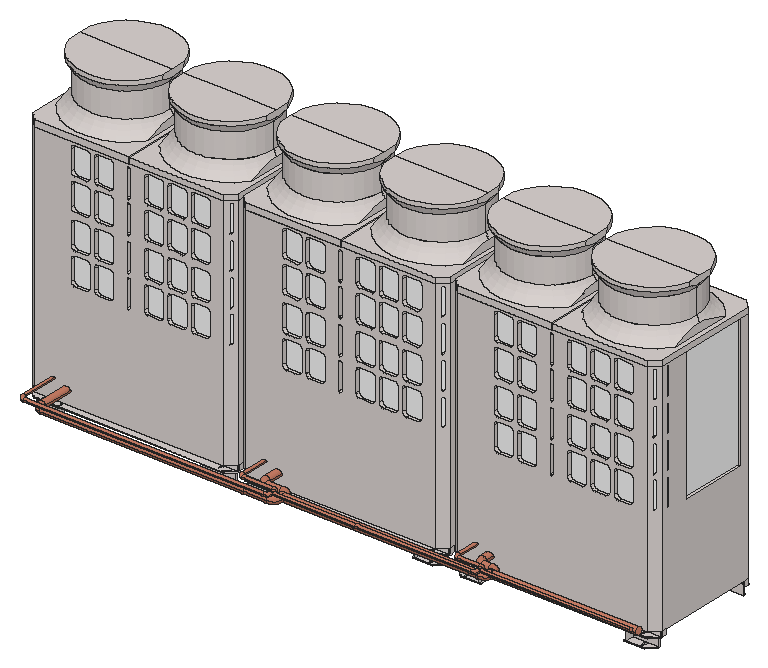
Revit family "PUHY-EP1350YSNW-A", category Mechanical Equipment, Revit 2012 (continued)
Definition of nested family "PUHY-EP450YNW-A"
  Dimensions and locks
    cut or joined group 1 (Extrusion 1, Extrusion 2, Extrusion 3, Extrusion 4, Extrusion 5, Extrusion 6, Extrusion 7, Extrusion 8, Extrusion 9, Extrusion 10, Extrusion 11, Extrusion 12, Extrusion 13, Extrusion 14, Extrusion 15, Extrusion 16, Extrusion 17, Extrusion 18, Extrusion 19, Extrusion 20, Extrusion 21, Extrusion 22, Extrusion 23, Extrusion 24, Extrusion 25, Extrusion 26, Extrusion 27, Extrusion 28, Extrusion 29, Extrusion 30, Extrusion 31, Extrusion 32, Extrusion 33) to plane 3 "Center (Left/Right)" = 620 mm
    Extrusion 1 sketch curve to Extrusion 1 sketch curve = 1240 mm
    cut or joined group 1 to plane 8 = 185 mm
    cut or joined group 1 to plane 7 = 166 mm
    cut or joined group 1 to plane 6 = 110 mm
    cut or joined group 1 to plane 12 to cut or joined group 1 = 805 mm, 621 mm
    plane 5 to plane 2 = 1858 mm  (x2)
    cut or joined group 1 to plane 19 "132" = 132 mm
    cut or joined group 1 to plane 22 = 207 mm
    cut or joined group 1 to plane 23 = 256 mm
    cut or joined group 1 to plane 6 = 60 mm
    cut or joined group 1 to cut or joined group 1 = 42.154 mm
    cut or joined group 1 to cut or joined group 1 = 11.895 mm
    nested 1 to nested 3 to level = 1798 mm, 60 mm
    nested 1 to nested 1 = 303 mm
    nested 1 to nested 3 = 1495 mm
    nested 8 to nested 8 to nested 8 to nested 7 to nested 7 to nested 7 = 54 mm, 20 mm, 592 mm, 20 mm, 54 mm
    nested 3 to nested 3 = 56 mm
    plane 11 to plane 31 to plane 32 to cut or joined group 1 = 90 mm, 1060 mm, 90 mm
    curve 103 to nested 7 = 90 mm
    curve 104 to nested 7 = 125 mm
    curve 101 to nested 7 = 100 mm
    curve 11 to curve 13 to nested 7 = 84 mm, 71 mm
    cut or joined group 1 to curve 12 to curve 14 = 125 mm, 148 mm
    nested 2 to nested 7 = 1495 mm
    curve 87 to cut or joined group 1 = 152 mm
    curve 88 to cut or joined group 1 = 172 mm
    curve 89 to cut or joined group 1 = 216 mm
    cut or joined group 1 to curve 4 to curve 2 = 128 mm, 150 mm
    cut or joined group 1 to curve 1 to curve 3 = 79 mm, 94 mm
    Extrusion 32 sketch curve to nested 7 = 116 mm
    cut or joined group 1 to Extrusion 32 sketch curve = 160 mm
    cut or joined group 1 to Extrusion 33 sketch curve = 243 mm
    Extrusion 33 sketch curve to nested 7 = 116 mm
    aligned and locked: level to plane 2
    aligned and locked: Extrusion 1 to plane 4
  Nested families
    nested 1: "FAN GUARD" at (-311.5, 2, 860), type "FAN GUARD"
      with WIDTH 870 mm
    nested 2: "FAN GUARD" at (311.5, 2, 860) x (-1, 0, 0) z (0, 0, 1), type "FAN GUARD"
      with WIDTH 870 mm
    nested 3: "ATTACHMENT LEG" at (-524, -349, 0), type "ATTACHMENT LEG"
    nested 4: "ATTACHMENT LEG" at (-524, 349, 0), type "ATTACHMENT LEG"
    nested 5: "ATTACHMENT LEG" at (524, -349, 0) x (-1, 0, 0) z (0, 0, 1), type "ATTACHMENT LEG"
    nested 6: "ATTACHMENT LEG" at (524, 349, 0) x (-1, 0, 0) z (0, 0, 1), type "ATTACHMENT LEG"
    nested 7: "BASE LEG_L_" at (0, -352, 60), type "BASE LEG_L_"
      with Width 1240 mm
    nested 8: "BASE LEG_L_" at (0, 352, 60), type "BASE LEG_L_"
      with Width 1240 mm
  Connectors
    piping at (-460, -191, 176), driven by "Liquid pipe_radius"
      settings: on cut or joined group 1, index 3, connector radius 12.7 mm, flow factor 0, pipe flow 0.0 L/s, pressure drop 0.0 Pa, fitting loss kfactor 0, connector angle 0.00°, fixture units 0, engagement length 0 mm, flow configuration 0, flow direction 0, fitting loss method 0, system type 22, joint type 0, gender type 0, connector reference index -1, connector utility 0, adjustable connector no, is connector primary yes, fitting loss table "", connector description "Refrigerant service valve<Liquid pipe>"
    piping at (-377, -191, 176), driven by "Gas pipe_radius"
      settings: on cut or joined group 1, index 4, connector radius 14.29 mm, flow factor 0, pipe flow 0.0 L/s, pressure drop 0.0 Pa, fitting loss kfactor 0, connector angle 0.00°, fixture units 0, engagement length 0 mm, flow configuration 0, flow direction 0, fitting loss method 0, system type 22, joint type 0, gender type 0, connector reference index -1, connector utility 0, adjustable connector no, is connector primary no, fitting loss table "", connector description "Refrigerant service valve<Gas>"
    electrical at (0, -370, 808)
      settings: on cut or joined group 1, index 5, voltage 0 V, apparent load 0 VA, apparent load phase1 0 VA, apparent load phase2 0 VA, apparent load phase3 0 VA, power factor 1, load classification "HVAC", number of poles 1, system type 30, power factor state 1, is connector primary yes, connector utility no, sub classification motor no, connector description ""
  Definition of nested family "FAN GUARD"
    Parameters (values of type "FAN GUARD")
      WIDTH [instance] = 870 mm
    Reference planes
      plane 1 "中心(正面/背面)": y = -2
      plane 2: z = 0
      plane 3 "ファンガード基準面": z = 661
      plane 4: y = 368
      plane 5: x = 366
      plane 6: x = -375
      plane 7 "ファンガード基準上面": z = 695
      plane 8 "ファンガード上面": z = 998
      plane 9: x = -273.971
      plane 10: x = 308.5
      plane 11: x = -308.5
      plane 12: x = 0
    Forms (mm)
      Extrusion 1, solid, material "Paint_5Y 8/1"
        sketch origin (85, 0, 661) x (-1, 0, 0) y (0, -1, 0)
          loop
            line (343.5, -368) -> (393.5, -318) -> (393.5, 322) -> (343.5, 372) -> (-223.5, 372) -> (-223.5, -368) -> (343.5, -368)
        from 0 to 34
      Revolve 2, solid, material "Paint_5Y 8/1"
        sketch origin (0, -2, 0) x (1, 0, 0) y (0, 0, 1)
          loop
            line (0, 695) -> (0, 998) -> (-290, 998) -> (-290, 972.327) -> (-260, 928.372) -> (-260, 777.384)
            arc (-260, 777.384) -> (-290.651, 730.137) -> (-334.665, 695) r 175.882
            line (-334.665, 695) -> (0, 695)
          axis (0, 998) -> (0, 695)
        angle from 0 to 360
      Extrusion 3, void
        sketch origin (-840, 75, 695) x (-1, 0, 0) y (0, -1, 0)
          loop
            line (-410, -165) -> (-410, 315) -> (-561.253, 315) -> (-561.253, -165) -> (-410, -165)
        from -35 to 430.592
      Extrusion 4, void
        sketch origin (840, 75, 695) x (1, 0, 0) y (0, 1, 0)
          loop
            line (-410, 165) -> (-561.253, 165) -> (-561.253, -315) -> (-410, -315) -> (-410, 165)
        from 0 to 430.592
    Cuts and joins
      Extrusion 3, Extrusion 4 cuts Revolve 2
      Extrusion 4 cuts Extrusion 1
    Lines and regions (mm)
      model lines
        curve 1: line (-278.747, 0, 998) -> (-80, 0, 998)
        curve 2: line (80, 0, 998) -> (278.747, 0, 998)
        curve 3: circle (0, 0, 998) r 80 normal (0, 0, 1)
        curve 4: line (-278.747, -80, 998) -> (278.747, -80, 998)
        curve 5: line (-241.868, -160, 998) -> (241.868, -160, 998)
        curve 6: line (-162.788, -240, 998) -> (162.788, -240, 998)
        curve 7: line (-278.747, 80, 998) -> (278.747, 80, 998)
        curve 8: line (-241.868, 160, 998) -> (240, 160, 998)
        curve 9: line (-160, 240, 998) -> (162.788, 240, 998)
        curve 10: line (0, 290, 998) -> (0, -290, 998)
        curve 11: line (-20, 289.31, 998) -> (-20, -289.31, 998)
        curve 12: line (-40, 287.228, 998) -> (-40, -287.228, 998)
        curve 13: line (-60, 283.725, 998) -> (-60, -283.725, 998)
        curve 14: line (-80, 278.747, 998) -> (-80, -278.747, 998)
        curve 15: line (20, 289.31, 998) -> (20, -289.31, 998)
        curve 16: line (40, 287.228, 998) -> (40, -287.228, 998)
        curve 17: line (60, 283.725, 998) -> (60, -283.725, 998)
        curve 18: line (80, 278.747, 998) -> (80, -278.747, 998)
        curve 19: line (100, 272.213, 998) -> (100, -272.213, 998)
        curve 20: line (120, 264.008, 998) -> (120, -264.008, 998)
        curve 21: line (140, 253.969, 998) -> (140, -253.969, 998)
        curve 22: line (160, 241.868, 998) -> (160, -243.132, 998)
        curve 23: line (180, 227.376, 998) -> (180, -227.624, 998)
        curve 24: line (200, 210, 998) -> (200, -210, 998)
        curve 25: line (220, 188.944, 998) -> (220, -188.944, 998)
        curve 26: line (240, 160, 998) -> (240, -162.788, 998)
        curve 27: line (260, 128.452, 998) -> (260, -128.452, 998)
        curve 28: line (-100, 272.213, 998) -> (-100, -272.213, 998)
        curve 29: line (-120, 264.008, 998) -> (-120, -264.008, 998)
        curve 30: line (-140, 253.969, 998) -> (-140, -253.969, 998)
        curve 31: line (-160, 240, 998) -> (-160, -241.868, 998)
        curve 32: line (-180, 227.376, 998) -> (-180, -227.376, 998)
        curve 33: line (-200, 210, 998) -> (-200, -210, 998)
        curve 34: line (-220, 188.944, 998) -> (-220, -188.944, 998)
        curve 35: line (-240, 162.788, 998) -> (-240, -162.788, 998)
        curve 36: line (-260, 128.452, 998) -> (-260, -128.452, 998)
        curve 37: line (10, 79.373, 998) -> (10, -79.373, 998)
        curve 38: line (-10, 79.373, 998) -> (-10, -79.373, 998)
        curve 39: line (30, 74.162, 998) -> (30, -74.162, 998)
        curve 40: line (50, 62.45, 998) -> (50, -62.45, 998)
        curve 41: line (70, 38.73, 998) -> (70, -38.73, 998)
        curve 42: line (-30, 74.162, 998) -> (-30, -74.162, 998)
        curve 43: line (-50, 62.45, 998) -> (-50, -62.45, 998)
        curve 44: line (-70, 38.73, 998) -> (-70, -38.73, 998)
    Dimensions and locks
      locked: plane 8 "ファンガード上面" to plane 7 "ファンガード基準上面" at 303
      plane 8 "ファンガード上面" to plane 3 "ファンガード基準面" = 337 mm
      Revolve 2 sketch curve to Revolve 2 sketch curve = 290 mm
      Extrusion 1 sketch curve to Extrusion 1 sketch curve = 740 mm
      equal spacing: Extrusion 1 sketch curve, plane 1 "中心(正面/背面)", Extrusion 1 sketch curve
      plane 6 to plane 5 = 741 mm
      Extrusion 1 sketch curve to Extrusion 1 sketch curve = 617 mm
      plane 11 to plane 10 = 617 mm
      cut or joined group of Extrusion 1, Extrusion 4 to cut or joined group of Extrusion 1, Extrusion 4 = 617 mm
      cut or joined group of Extrusion 1, Extrusion 4 to cut or joined group of Extrusion 1, Extrusion 4 = 740 mm
      aligned and locked: level to plane 2
      aligned and locked: plane 7 "ファンガード基準上面" to Extrusion 1
      aligned and locked: plane 3 "ファンガード基準面" to Extrusion 1
      aligned and locked: cut or joined group of Revolve 2, Extrusion 3, Extrusion 4 to plane 8 "ファンガード上面"
  Definition of nested family "ATTACHMENT LEG"
    Parameters (values of type "ATTACHMENT LEG")
      Width = 145 mm
    Reference planes
      plane 1: z = 0
      plane 2 "中心(左/右)": x = -6
      plane 3: x = -52
      plane 4: x = 85
      plane 5: x = 93
      plane 6: y = -21
      plane 7: y = 27
      plane 8: x = -30
      plane 9: y = 39
      plane 10: z = 60
      plane 11: z = 57
      plane 12: z = 3
      plane 13: x = 82
      plane 14: y = 36
      plane 15: x = -75
      plane 16: y = 31
      plane 17 "幅": x = 93
      plane 18: y = 2.5
      plane 19: y = 21
      plane 20: y = -10
    Forms (mm)
      Extrusion 1, solid, material "Paint_5Y 8/1"
        sketch origin (0, -1, 0) x (1, 0, 0) y (0, 1, 0)
          loop
            line (-75, 36) -> (-75, 27) -> (-28, -20) -> (93, -20) -> (93, 32) -> (85, 32) -> (85, 36) -> (-75, 36)
        from 0 to 60
      Extrusion 2, void
        sketch origin (0, -3, 0) x (1, 0, 0) y (0, 0, 1)
          loop
            line (-75, 57) -> (-75, 3) -> (82, 3) -> (82, 57) -> (-75, 57)
          loop
            line (93, 57) -> (85, 57) -> (85, 3) -> (93, 3) -> (93, 57)
        from -35 to 18
      Extrusion 3, void
        sketch origin (-6, 5.5, 0) x (1, 0, 0) y (0, 1, 0)
          loop
            arc (-7, -8.5) -> (0, -15.5) -> (7, -8.5) r 7
            line (7, -8.5) -> (7, 8.5)
            arc (7, 8.5) -> (0, 15.5) -> (-7, 8.5) r 7
            line (-7, 8.5) -> (-7, -8.5)
        from 0 to 60
    Cuts and joins
      Extrusion 2, Extrusion 3 cuts Extrusion 1
    Dimensions and locks
      locked: plane 3 to plane 4 at 137
      locked: plane 3 to plane 5 at 145
      plane 6 to plane 7 = 48 mm
      locked: plane 10 to level at 60
      Extrusion 3 sketch curve to plane 2 "中心(左/右)" = 7 mm
      locked: plane 15 to plane 2 "中心(左/右)" at 69
      locked: plane 15 to plane 8 at 45
      locked: plane 6 to plane 18 at 23.5
      cut or joined group of Extrusion 1, Extrusion 2, Extrusion 3 to cut or joined group of Extrusion 1, Extrusion 2, Extrusion 3 = 168 mm
      cut or joined group of Extrusion 1, Extrusion 2, Extrusion 3 to cut or joined group of Extrusion 1, Extrusion 2, Extrusion 3 = 56 mm  (x2)
      plane 14 to plane 6 = 57 mm
      aligned and locked: level to plane 1
      aligned and locked: Extrusion 1 sketch curve to plane 4
      aligned and locked: Extrusion 1 sketch curve to plane 5
      aligned: plane 8 to Extrusion 1 sketch curve
      aligned and locked: plane 10 to Extrusion 1
      aligned and locked: Extrusion 2 sketch curve to plane 11
      aligned: plane 3 to Extrusion 2 sketch curve
      aligned and locked: plane 12 to Extrusion 2 sketch curve
      aligned and locked: Extrusion 2 sketch curve to plane 13
      aligned and locked: plane 6 to Extrusion 2
      aligned and locked: plane 11 to Extrusion 2 sketch curve
      aligned and locked: plane 5 to Extrusion 2 sketch curve
      aligned and locked: Extrusion 2 sketch curve to plane 12
      aligned and locked: Extrusion 2 sketch curve to plane 4
      aligned and locked: plane 15 to Extrusion 1 sketch curve
      aligned and locked: Extrusion 2 sketch curve to cut or joined group of Extrusion 1, Extrusion 2, Extrusion 3
      aligned and locked: Extrusion 1 to plane 16
  Definition of nested family "BASE LEG_L_"
    Parameters (values of type "BASE LEG_L_")
      Width [instance] = 1240 mm
    Reference planes
      plane 1 "中心(正面/背面)": y = 0
      plane 2: z = 0
      plane 3 "中心(左/右)": x = 0
      plane 4: x = 620
      plane 5: x = -620
      plane 6: x = -530
      plane 7: x = 530
      plane 8: y = -18
      plane 9: y = 39
      plane 10: z = 53
      plane 11: y = 42
      plane 12: y = 27
      plane 13: x = 575
      plane 14: x = -575
      plane 15: z = 8
      plane 16: y = 11.5
      plane 17: z = 35
    Forms (mm)
      Extrusion 1, solid, material "Paint_5Y 8/1"
        sketch origin (0, 0, 0) x (0, 1, 0) y (0, 0, 1)
          loop
            line (-18, 0) -> (36, 0) -> (36, 32) -> (56, 32) -> (56, 35) -> (33, 35) -> (33, 3) -> (-18, 3) -> (-18, 0)
        from -620 to 620
      Extrusion 2, void
        sketch origin (0, 0, 0) x (1, 0, 0) y (0, 1, 0)
          loop
            line (575, -18) -> (620, -18) -> (620, 27) -> (575, -18)
          loop
            line (-575, -18) -> (-620, 27) -> (-620, -18) -> (-575, -18)
        from 0 to 250
      Extrusion 3, void
        sketch origin (0, 12.023, 0) x (1, 0, 0) y (0, 1, 0)
          loop
            arc (523, -2.971) -> (530, -9.971) -> (537, -2.971) r 7
            line (537, -2.971) -> (537, 3.023)
            arc (537, 3.023) -> (530, 10.023) -> (523, 3.023) r 7
            line (523, 3.023) -> (523, -2.971)
          loop
            line (-523, -2.971) -> (-523, 3.023)
            arc (-523, 3.023) -> (-530, 10.023) -> (-537, 3.023) r 7
            line (-537, 3.023) -> (-537, -2.971)
            arc (-537, -2.971) -> (-530, -9.971) -> (-523, -2.971) r 7
        from 0 to 250
      Extrusion 4, solid, material "Paint_5Y 8/1"
        sketch origin (0, 0, -3) x (1, 0, 0) y (0, 0, 1)
          loop
            line (617, 8) -> (620, 8) -> (620, 35) -> (617, 35) -> (617, 8)
          loop
            line (-617, 8) -> (-617, 35) -> (-620, 35) -> (-620, 8) -> (-617, 8)
        from -36 to -56
      Extrusion 5, solid, material "Paint_5Y 8/1"
        sketch origin (150, 352, 0) x (1, 0, 0) y (0, 1, 0)
          loop
            line (460, -319) -> (455, -319) -> (455, -320) -> (405, -370) -> (410, -370) -> (460, -320) -> (460, -319)
        from 3 to 35
      Extrusion 6, void
        sketch origin (560, -18, 0) x (0.707107, 0.707107, 0) y (0, 0, 1)
          loop
            line (70.711, 3) -> (-6.741, 39.767) -> (-6.741, 3) -> (70.711, 3)
        from -190.256 to 23.776
      Extrusion 7, solid, material "Paint_5Y 8/1"
        sketch origin (-150, 352, 0) x (-1, 0, 0) y (0, -1, 0)
          loop
            line (460, 319) -> (460, 320) -> (410, 370) -> (405, 370) -> (455, 320) -> (455, 319) -> (460, 319)
        from 3 to 35
      Extrusion 8, void
        sketch origin (-560, -18, 0) x (0.707107, -0.707107, 0) y (0, 0, -1)
          loop
            line (-70.711, -3) -> (0, -35) -> (6.741, -35) -> (6.741, -3) -> (-70.711, -3)
        from -190.256 to 23.776
    Cuts and joins
      Extrusion 2, Extrusion 3 cuts Extrusion 1
      joined: Extrusion 1, Extrusion 4
      Extrusion 8 cuts Extrusion 7
      Extrusion 6 cuts Extrusion 5
    Dimensions and locks
      "Width": plane 5 to plane 4
      equal spacing: plane 5, plane 3 "中心(左/右)", plane 4
      locked: plane 5 to plane 6 at 90
      locked: plane 7 to plane 4 at 90
      locked: plane 8 to plane 9 at 57
      locked: plane 10 to level at 53
      locked: plane 9 to plane 11 at 3
      plane 8 to plane 12 = 45 mm
      locked: plane 13 to plane 4 at 45
      locked: plane 5 to plane 14 at 45
      equal spacing: Extrusion 3 sketch curve, plane 7, Extrusion 3 sketch curve
      equal spacing: Extrusion 3 sketch curve, plane 6, Extrusion 3 sketch curve
      locked: plane 10 to plane 15 at 45
      locked: cut or joined group of Extrusion 1, Extrusion 2, Extrusion 3, Extrusion 4 to Extrusion 4 sketch curve at 3  (x2)
      locked: plane 8 to plane 16 at 29.5
      plane 8 to plane 11 = 60 mm
      cut or joined group of Extrusion 1, Extrusion 2, Extrusion 3, Extrusion 4 to cut or joined group of Extrusion 1, Extrusion 2, Extrusion 3, Extrusion 4 = 35 mm
      aligned and locked: level to plane 2
      aligned and locked: plane 8 to Extrusion 1 sketch curve
      aligned and locked: plane 4 to Extrusion 1
      aligned and locked: Extrusion 1 to plane 5
      aligned and locked: Extrusion 2 sketch curve to plane 4
      aligned and locked: Extrusion 2 sketch curve to plane 8
      aligned and locked: plane 12 to Extrusion 2 sketch curve
      aligned and locked: plane 13 to Extrusion 2 sketch curve
      aligned and locked: plane 4 to Extrusion 4 sketch curve
      aligned and locked: plane 5 to Extrusion 4 sketch curve
      aligned and locked: cut or joined group of Extrusion 7, Extrusion 8 to cut or joined group of Extrusion 1, Extrusion 2, Extrusion 3, Extrusion 4
    Automatic sketch dimensions
      Extrusion 3 sketch curve to plane 1 "中心(正面/背面)" = 9.052 mm  (x2)
      Extrusion 3 sketch curve to plane 7 = 7 mm
      Extrusion 3 sketch curve to plane 1 "中心(正面/背面)" = 15.046 mm  (x2)
      Extrusion 3 sketch curve to plane 6 = 7 mm
      Extrusion 2 sketch curve to plane 5 = 0 mm
      plane 8 to Extrusion 2 sketch curve = 0 mm
      Extrusion 2 sketch curve to plane 14 = 0 mm
      plane 12 to Extrusion 2 sketch curve = 0 mm
      Extrusion 4 sketch curve to plane 10 = 21 mm
      plane 7 to Extrusion 5 sketch curve = 25 mm
      Extrusion 5 sketch curve to Extrusion 5 sketch curve = 5 mm  (x2)
      plane 7 to Extrusion 5 sketch curve = 75 mm
      plane 8 to Extrusion 5 sketch curve = 0 mm
      Extrusion 5 sketch curve to Extrusion 5 sketch curve = 50 mm
      Extrusion 5 sketch curve to Extrusion 5 sketch curve = 0 mm
      Extrusion 5 sketch curve to Extrusion 5 sketch curve = 1 mm
      Extrusion 6 sketch curve to Extrusion 5 = 0 mm  (x2)
      Extrusion 6 sketch curve to Extrusion 5 = 6.741 mm
      Extrusion 6 sketch curve to Extrusion 5 = 4.767 mm
      plane 6 to Extrusion 7 sketch curve = 25 mm
      Extrusion 7 sketch curve to Extrusion 7 sketch curve = 5 mm  (x2)
      Extrusion 7 sketch curve to Extrusion 7 sketch curve = 45 mm
      Extrusion 7 sketch curve to plane 8 = 0 mm
      Extrusion 7 sketch curve to Extrusion 7 sketch curve = 50 mm
      Extrusion 7 sketch curve to Extrusion 7 sketch curve = 0 mm
      Extrusion 7 sketch curve to Extrusion 7 sketch curve = 1 mm
      Extrusion 8 sketch curve to Extrusion 7 = 0 mm  (x2)
      Extrusion 7 to Extrusion 8 sketch curve = 0 mm  (x2)
      Extrusion 7 to Extrusion 8 sketch curve = 6.741 mm
      Extrusion 4 sketch curve to plane 17 = 3 mm
      Extrusion 4 sketch curve to plane 15 = 3 mm  (x2)
      Extrusion 1 sketch curve to plane 17 = 0 mm
      Extrusion 1 sketch curve to level = 0 mm
      level to Extrusion 1 sketch curve = 3 mm
      plane 9 to Extrusion 1 sketch curve = 6 mm
      plane 9 to Extrusion 1 sketch curve = 3 mm
      Extrusion 1 sketch curve to plane 17 = 3 mm
      Extrusion 1 sketch curve to plane 11 = 14 mm
Types (6, lengths in mm): name | Voltage | Hertz | Heating Current (A) | Cooling Current (A)
  PUHY-EP1350YSNW-A_380V_50Hz | 380 V | 50 Hz | 67.9 | 57.9
  PUHY-EP1350YSNW-A_380V_60Hz | 380 V | 60 Hz | 67.9 | 57.9
  PUHY-EP1350YSNW-A_400V_50Hz | 400 V | 50 Hz | 64.5 | 55
  PUHY-EP1350YSNW-A_400V_60Hz | 400 V | 60 Hz | 64.5 | 55
  PUHY-EP1350YSNW-A_415V_50Hz | 415 V | 50 Hz | 62.2 | 53
  PUHY-EP1350YSNW-A_415V_60Hz | 415 V | 60 Hz | 62.2 | 53
